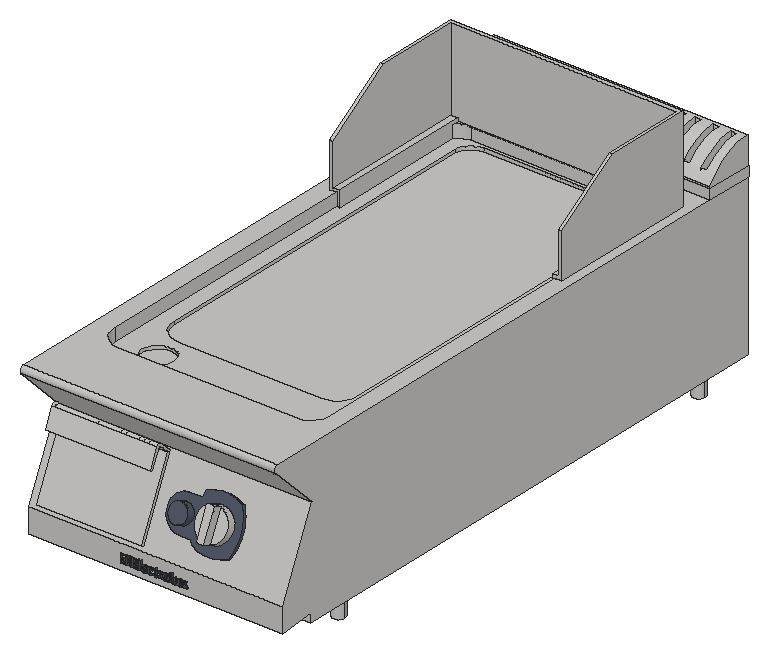
Revit family "QF_ELECTROLUXPROFESSIONAL_391585_E9IIDTAOMCI", category Attrezzature speciali, Revit 2021 (continued)
Automatic sketch dimensions
  Extrusion 20 sketch curve to plane 11 = 19.089 mm
  Extrusion 21 sketch curve to plane 7 "Center Y" = 9.346 mm
  Extrusion 21 sketch curve to Extrusion 21 sketch curve = 9.296 mm
  plane 1 "BACK" to Extrusion 21 sketch curve = 6.761 mm
  Extrusion 21 sketch curve to plane 11 = 19.089 mm
  plane 1 "BACK" to Extrusion 22 sketch curve = 6.761 mm
  plane 12 to Extrusion 22 sketch curve = 17.43 mm
  Extrusion 22 sketch curve to Extrusion 22 sketch curve = 9.296 mm
  Extrusion 22 sketch curve to plane 11 = 19.089 mm
  Extrusion 23 sketch curve to plane 12 = 10.559 mm
  Extrusion 23 sketch curve to plane 12 = 1.263 mm
  plane 1 "BACK" to Extrusion 23 sketch curve = 6.761 mm
  Extrusion 23 sketch curve to plane 11 = 19.089 mm
  plane 1 "BACK" to Extrusion 24 sketch curve = 6.761 mm
  plane 7 "Center Y" to Extrusion 24 sketch curve = 50.737 mm
  Extrusion 24 sketch curve to Extrusion 24 sketch curve = 9.296 mm
  Extrusion 24 sketch curve to plane 11 = 19.089 mm
  plane 1 "BACK" to Extrusion 25 sketch curve = 6.761 mm
  plane 12 to Extrusion 25 sketch curve = 69.275 mm
  Extrusion 25 sketch curve to Extrusion 25 sketch curve = 9.296 mm
  Extrusion 25 sketch curve to plane 11 = 19.089 mm
  plane 1 "BACK" to Extrusion 26 sketch curve = 6.761 mm
  plane 12 to Extrusion 26 sketch curve = 41.311 mm
  Extrusion 26 sketch curve to Extrusion 26 sketch curve = 9.296 mm
  Extrusion 26 sketch curve to plane 11 = 19.089 mm
  plane 1 "BACK" to Extrusion 27 sketch curve = 6.761 mm
  plane 7 "Center Y" to Extrusion 27 sketch curve = 22.749 mm
  Extrusion 27 sketch curve to Extrusion 27 sketch curve = 9.296 mm
  Extrusion 27 sketch curve to plane 11 = 19.089 mm
  Split face 1 sketch curve to Split face 1 sketch curve = 11.575 mm
  Split face 1 sketch curve to Split face 1 sketch curve = 2 mm
  Extrusion 30 sketch curve to Extrusion 2 = 0 mm  (x2)
  Extrusion 2 to Extrusion 30 sketch curve = 5 mm  (x2)
  Extrusion 2 to Extrusion 30 sketch curve = 15 mm
  Extrusion 30 sketch curve to Extrusion 30 sketch curve = 130 mm  (x2)
  Extrusion 2 to Extrusion 30 sketch curve = 20 mm
  Extrusion 30 sketch curve to Extrusion 2 = 19.6 mm  (x2)
  Extrusion 30 sketch curve to Extrusion 30 sketch curve = 5 mm  (x5)
  Extrusion 30 sketch curve to Extrusion 30 sketch curve = 15 mm
  Extrusion 31 sketch curve to Extrusion 30 = 0 mm  (x2)
  Extrusion 31 sketch curve to Extrusion 30 = 65 mm
  Extrusion 31 sketch curve to Extrusion 30 = 100.091 mm
  Extrusion 32 sketch curve to Extrusion 30 = 0 mm
  Extrusion 30 to Extrusion 32 sketch curve = 0 mm
  Extrusion 30 to Extrusion 32 sketch curve = 65 mm
  Extrusion 30 to Extrusion 32 sketch curve = 100.091 mm
  Extrusion 33 sketch curve to Extrusion 30 = 0 mm  (x4)
  plane 1 "BACK" to curve 16 = 0 mm
  plane 16 to curve 86 = 0 mm
  curve 81 to plane 12 = 0 mm
  plane 16 to curve 76 = 0 mm
  curve 11 to plane 3 "LEFT" = 0 mm
  curve 4 to plane 3 "LEFT" = 0 mm
  curve 66 to plane 12 = 1.263 mm
  curve 66 to curve 66 = 9.296 mm
  curve 86 to plane 12 = 22.05 mm
  curve 10 to plane 10 = 1.851 mm
  curve 10 to plane 4 "RIGHT" = 24.95 mm
  curve 70 to curve 65 = 18.693 mm
  curve 74 to plane 4 "RIGHT" = 14.95 mm
  curve 70 to curve 70 = 9.296 mm
  plane 4 "RIGHT" to curve 4 = 0.05 mm
  plane 4 "RIGHT" to curve 11 = 0.05 mm
  plane 4 "RIGHT" to curve 3 = 100.069 mm
  plane 12 to curve 9 = 3.686 mm
  plane 1 "BACK" to curve 64 = 6.761 mm
  plane 12 to curve 64 = 17.43 mm
  plane 12 to curve 79 = 25.4 mm
  curve 61 to curve 64 = 9.296 mm
  plane 12 to curve 82 = 30.736 mm
  plane 1 "BACK" to curve 60 = 6.761 mm
  curve 63 to curve 60 = 14.586 mm
  curve 57 to curve 59 = 9.296 mm
  plane 1 "BACK" to curve 56 = 6.761 mm
  curve 59 to curve 56 = 18.668 mm
  curve 53 to curve 55 = 9.296 mm
  plane 1 "BACK" to curve 52 = 6.761 mm
  curve 55 to curve 52 = 18.693 mm
  curve 49 to curve 51 = 9.296 mm
  plane 1 "BACK" to curve 48 = 6.761 mm
  curve 51 to curve 48 = 18.693 mm
  curve 45 to curve 48 = 9.296 mm
  curve 41 to plane 7 "Center Y" = 9.346 mm
  curve 41 to curve 43 = 9.296 mm
  curve 15 to plane 7 "Center Y" = 22.2 mm
  plane 1 "BACK" to curve 37 = 6.761 mm
  curve 43 to curve 37 = 18.693 mm
  curve 37 to curve 38 = 9.296 mm
  plane 1 "BACK" to curve 36 = 6.761 mm
  curve 39 to curve 36 = 18.693 mm
  curve 33 to curve 35 = 9.296 mm
  plane 1 "BACK" to curve 29 = 6.761 mm
  curve 35 to curve 29 = 18.693 mm
  curve 29 to curve 32 = 9.296 mm
  curve 83 to plane 10 = 56.115 mm
  plane 3 "LEFT" to curve 83 = 92.523 mm
  plane 3 "LEFT" to curve 78 = 80.4 mm
  curve 30 to curve 25 = 18.668 mm
  curve 25 to curve 27 = 9.296 mm
  plane 3 "LEFT" to curve 12 = 67.523 mm
  curve 78 to curve 85 = 25.4 mm
  plane 1 "BACK" to curve 21 = 6.761 mm
  curve 27 to curve 21 = 18.693 mm
  curve 21 to curve 23 = 9.296 mm
  plane 3 "LEFT" to curve 76 = 35 mm
  curve 8 to plane 10 = 8.638 mm
  plane 1 "BACK" to curve 17 = 6.761 mm
  curve 23 to curve 17 = 18.693 mm
  plane 3 "LEFT" to curve 73 = 20 mm
  curve 17 to curve 19 = 9.296 mm
  plane 5 "FRONT" to curve 13 = 0.25 mm
  curve 13 to curve 5 = 12.7 mm
  curve 1 to plane 3 "LEFT" = 100.019 mm
  curve 1 to plane 1 "BACK" = 100.019 mm
  plane 1 "BACK" to curve 68 = 6.761 mm
  plane 1 "BACK" to curve 69 = 6.761 mm
  plane 1 "BACK" to curve 44 = 6.761 mm
  plane 1 "BACK" to curve 25 = 6.761 mm
  curve 31 to plane 11 = 19.089 mm
  curve 33 to plane 11 = 19.089 mm
  curve 27 to plane 11 = 19.089 mm
  curve 37 to plane 11 = 19.089 mm
  curve 23 to plane 11 = 19.089 mm
  curve 41 to plane 11 = 19.089 mm
  curve 19 to plane 11 = 19.089 mm
  curve 45 to plane 11 = 19.089 mm
  curve 62 to plane 11 = 19.089 mm
  curve 49 to plane 11 = 19.089 mm
  curve 65 to plane 11 = 19.089 mm
  curve 65 to curve 71 = 0 mm
  curve 53 to plane 11 = 19.089 mm
  curve 57 to curve 62 = 0 mm
  curve 4 to plane 11 = 7.988 mm
  plane 11 to curve 74 = 27 mm
  plane 11 to curve 79 = 37.362 mm
  curve 15 to curve 15 = 114.75 mm
  curve 1 to plane 13 = 115 mm
  curve 3 to plane 13 = 115 mm
  curve 75 to curve 87 = 5 mm
  curve 89 to curve 73 = 5 mm
  curve 73 to curve 89 = 5 mm
  Extrusion 3 sketch curve to plane 10 = 1.851 mm
  Extrusion 3 sketch curve to plane 4 "RIGHT" = 24.95 mm
  Extrusion 3 sketch curve to plane 12 = 1.65 mm
  plane 12 to Extrusion 3 sketch curve = 3.686 mm
  Extrusion 3 sketch curve to plane 10 = 8.638 mm
  plane 3 "LEFT" to Extrusion 3 sketch curve = 67.523 mm
  Extrusion 3 sketch curve to Extrusion 3 sketch curve = 25.4 mm
  plane 11 to Extrusion 3 sketch curve = 57.4 mm
  curve 91 to plane 12 = 1.65 mm
  curve 92 to curve 88 = 20.4 mm
  curve 92 to curve 92 = 20.4 mm
  curve 74 to curve 86 = 5 mm
  curve 92 to curve 78 = 5.362 mm
  curve 91 to curve 86 = 0 mm
  curve 86 to curve 91 = 10.267 mm
  curve 88 to curve 92 = 10.267 mm
  Extrusion 28 sketch curve to Extrusion 3 = 5.362 mm
  Extrusion 28 sketch curve to Extrusion 28 sketch curve = 25.4 mm
  Extrusion 28 sketch curve to Extrusion 3 = 30.762 mm
  Extrusion 28 sketch curve to Extrusion 3 = 25 mm
  Extrusion 28 sketch curve to Extrusion 3 = 122.523 mm
  Extrusion 28 sketch curve to Extrusion 3 = 27.05 mm
  Extrusion 28 sketch curve to Extrusion 3 = 115.736 mm
  Extrusion 28 sketch curve to Extrusion 28 sketch curve = 37.523 mm
  Extrusion 28 sketch curve to Extrusion 28 sketch curve = 0.023 mm
  curve 93 to curve 94 = 0 mm  (x2)
  curve 94 to plane 7 "Center Y" = 107.5 mm
  curve 94 to plane 10 = 41 mm
  curve 94 to plane 10 = 16 mm
  radius of Extrusion 4 sketch curve = 9.525 mm  (x4)
  radius of Extrusion 6 sketch curve = 25.4 mm
  radius of Extrusion 7 sketch curve to Extrusion 6 = 0 mm  (x2)
  radius of Extrusion 11 sketch curve = 6.4 mm
  radius of Extrusion 29 sketch curve = 15 mm
  radius of Extrusion 28 sketch curve = 25 mm
Connectors
  piping at (348.05, -666, 6), diameter 12.8
    settings: on Extrusion 11, index 1, connector inside diameter 0.50394", connector length 0 mm, flow factor 0, pipe flow 0 GPM, pressure drop 0.00 psi, fitting loss kfactor 0, connector angle 0.00°, fixture units 0, engagement length 0 mm, angle of deflection 0.00°, flow configuration 1, flow direction 1, fitting loss method 0, system type 7, joint type 0, gender type 0, connector reference index -1, connector utility 0, adjustable connector no, is connector primary yes, connector description "GAS CONNECTION"
